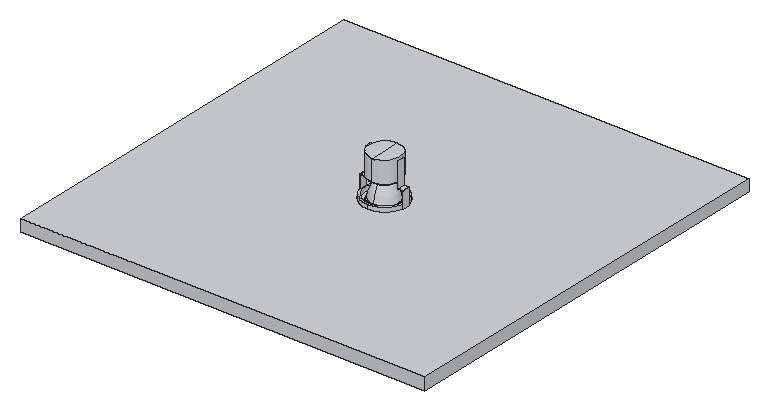
Revit family "Ambiance_L74", category Lighting Fixtures, Revit 2014
Parameters (values of type "Ambiance L74")
  Wattage Comments = "7.8"
  Wattage = 8.7 W
  built-in parameter 1150110 = 1 (stored number, unit not read)
  Type Comments = "Recessed"
  Type = "Ambiance L74"
  built-in parameter 1114217 = 1 (stored number, unit not read)
  Tilt Angle = 90.00°
  built-in parameter 1150109 = 1 (stored number, unit not read)
  built-in parameter 1150134 = 12
  built-in parameter 1150113 = 1 (stored number, unit not read)
  Photometric Web File = "F0164.ies"
  O/A Diameter (mm) = "74"
  Model = "Ambiance L74"
  Manufacturer = "Designed Architectural Lighting"
  Luminous flux of luminaire (lm) = "1084"
  Lumens = 811.71 lm
  built-in parameter 1150115 = 1 (stored number, unit not read)
  built-in parameter 1150105 = 64.594 (stored number, unit not read)
  built-in parameter 1150137 = (empty or 0)
  built-in parameter 1150139 = (empty or 0)
  built-in parameter 1150112 = 1 (stored number, unit not read)
  built-in parameter 1150114 = 1 (stored number, unit not read)
  Lamp = "LED"
  built-in parameter 1150132 = (empty or 0)
  built-in parameter 1150102 = (empty or 0)
  built-in parameter 1150138 = (empty or 0)
  built-in parameter 1150107 = 4000 (stored number, unit not read)
  built-in parameter 1150106 = 0.64594 (stored number, unit not read)
  Height (mm) = "81"
  built-in parameter 1150104 = 8.6679 (stored number, unit not read)
  Dimming Lamp Color Temperature Shift = <None>
  Description = "Recessed LED downlighter"
  Cut Out (mm) = "67"
  Colour temperature (K) = "2700/3000/4000"
  Color Filter = 16777215
  CRI = "80"
  built-in parameter 1114218 = 1 (stored number, unit not read)
  built-in parameter 1150133 = 10 (stored number, unit not read)
  Apparent Load = 8.7 VA
  Aperture (mm) = "50"
Reference planes
  plane 1 "Light Source Axis (F/B)": y = 0
  plane 2: z = 0
  plane 3 "Light Source Axis (L/R)": x = 0
  plane 4 "Light Source Elevation": z = 0
Forms (mm)
  Extrusion 1, solid
    sketch origin (-38.915, -66.34, 0) x (1, 0, 0) y (0, 1, 0)
      loop
        line (-261.085, 366.181) -> (-261.085, -233.819) -> (338.915, -233.819) -> (338.915, 366.181) -> (-261.085, 366.181)
      loop
        circle (38.915, 66.181) r 32.5
    from 0 to 18
  Revolve 2, solid
    sketch origin (0, 0, 0) x (0, 1, 0) y (0, 0, 1)
      loop
        line (37.405, 0) -> (31.128, 0) -> (31.128, 23.388) -> (27.889, 23.388) -> (27.889, 17.512) -> (19.952, 17.512)
        arc (19.952, 17.512) -> (24.464, 7.915) -> (27.889, -2.122) r 95.918
        line (27.889, -2.122) -> (37.405, -2.122) -> (37.405, 0)
      axis (0, -2.122) -> (0, 23.388)
    angle from 0 to 360
  Revolve 3, solid
    sketch origin (0, 0, 0) x (0, 1, 0) y (0, 0, 1)
      loop
        line (23.228, 81.567) -> (0, 81.567) -> (0, 50.574) -> (23.228, 50.574) -> (23.228, 81.567)
      axis (0, 81.567) -> (0, 50.574)
    angle from 0 to 360
  Revolve 4, solid
    sketch origin (0, 0, 9.062) x (0, 1, 0) y (0, 0, 1)
      loop
        arc (6.184, 37.925) -> (13.587, 24.686) -> (18.638, 10.383) r 89.117
        line (18.638, 10.383) -> (20.532, 8.489) -> (22.156, 8.489) -> (22.156, 10.519) -> (20.451, 10.519)
        arc (20.451, 10.519) -> (15.965, 24.941) -> (8.249, 37.925) r 64.501
        line (8.249, 37.925) -> (6.184, 37.925)
      axis (0, 37.925) -> (0, 8.489)
    angle from 0 to 360
  Revolve 5, solid
    sketch origin (0, 0, 9.062) x (0, 1, 0) y (0, 0, 1)
      loop
        line (0, 41.448) -> (0, 37.995) -> (20, 37.995) -> (20, 41.448) -> (0, 41.448)
      axis (0, 41.448) -> (0, 37.995)
    angle from 0 to 360
  Extrusion 6, solid
    sketch origin (0, 0, 0) x (1, 0, 0) y (0, 1, 0)
      loop
        line (-31.093, 4.866) -> (-31.974, 4.866) -> (-31.974, -5) -> (-31.093, -5) -> (-31.093, 4.866)
    from 0 to 42.238
  Extrusion 7, solid
    sketch origin (63.097, 0.6, 0) x (1, 0, 0) y (0, 1, 0)
      loop
        line (-31.093, 4.266) -> (-31.974, 4.266) -> (-31.974, -5.6) -> (-31.093, -5.6) -> (-31.093, 4.266)
    from 0 to 41.448
  Extrusion 8, solid
    sketch origin (7.705, 0, 0) x (1, 0, 0) y (0, 1, 0)
      loop
        line (-31.093, 4.866) -> (-31.974, 4.866) -> (-31.974, -5) -> (-31.093, -5) -> (-31.093, 4.866)
    from 41.448 to 81.36
  Extrusion 9, solid
    sketch origin (55.274, 0, 0) x (1, 0, 0) y (0, 1, 0)
      loop
        line (-31.093, 4.866) -> (-31.974, 4.866) -> (-31.974, -5) -> (-31.093, -5) -> (-31.093, 4.866)
    from 41.448 to 78.153
  Extrusion 10, solid
    sketch origin (3.313, 0, 0) x (1, 0, 0) y (0, 1, 0)
      loop
        line (-26.701, 4.866) -> (-35.286, 4.866) -> (-35.286, -5) -> (-26.701, -5) -> (-26.701, 4.866)
    from 41.448 to 42.238
  Extrusion 11, solid
    sketch origin (58.586, 0, 0) x (1, 0, 0) y (0, 1, 0)
      loop
        line (-26.583, 4.866) -> (-35.286, 4.866) -> (-35.286, -5) -> (-26.583, -5) -> (-26.583, 4.866)
    from 41.448 to 42.238
Dimensions and locks
  aligned and locked: plane 3 "Light Source Axis (L/R)" to imposter light
  aligned and locked: plane 1 "Light Source Axis (F/B)" to imposter light
  aligned and locked: plane 4 "Light Source Elevation" to imposter light
  aligned and locked: level to plane 2
